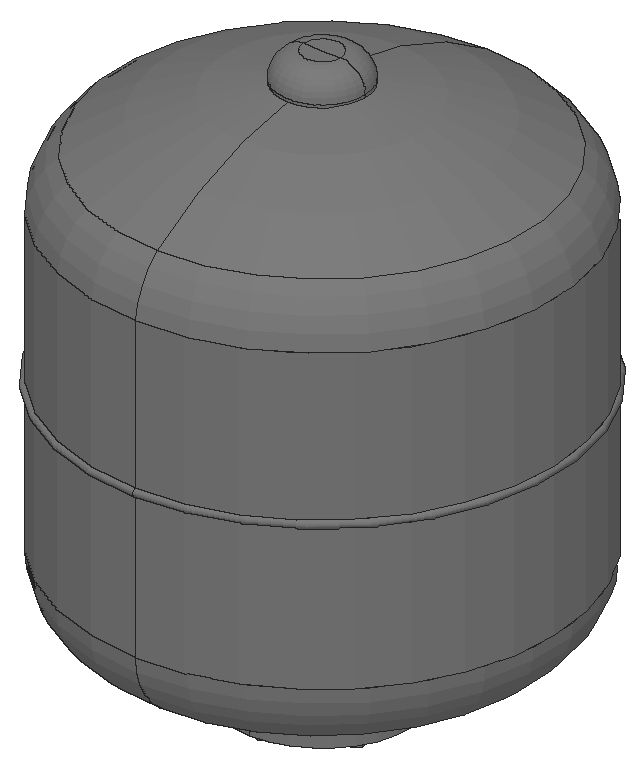
Revit family "MIT-35-ET (Vertical)", category Specialty Equipment, Revit 2022
Family settings
  Round Connector Dimension = Use Diameter
  Part Type = Normal
  Work Plane-Based = No
  Always vertical = Yes
  Cut with Voids When Loaded = No
  Maintain Annotation Orientation = No
  Shared = No
  Room Calculation Point = No
Parameters
  URL = "https://en.ekinendustriyel.com/expansion-tanks"
  Test Pressure = 15.0 bar
  Production Standard = "TS EN 13831"
  Precharge Pressure = 4.0 bar
  Operating Pressure = 10.0 bar
  Model = "MIT-35-ET_(Vertical)"
  Manufacturer = "Ekin Endüstriyel"
  Keynote = "Expension Tank"
  Description = "MIT-Expension Tank"
  Default Elevation = 0 mm
Reference planes
  plane 1 "Center (Front/Back)": y = 0
  plane 2: z = 0
  plane 3 "Center (Left/Right)": x = 0
Forms (mm)
  Revolve 1, solid, material "Ekin Endustriyel-S235JR", detail levels medium+fine
    sketch origin (0, -2790, 0) x (0, 1, 0) y (0, 0, 1)
      loop
        line (2790, 477.838) -> (2790, 476.638) -> (2822.856, 476.638)
        arc (2822.856, 476.638) -> (2893.172, 459.434) -> (2957.445, 426.129) r 304.726
        arc (2957.445, 426.129) -> (2972.24, 407.854) -> (2978.8, 385.275) r 59.499
        line (2978.8, 385.275) -> (2978.8, 139.362)
        arc (2978.8, 139.362) -> (2972.205, 112.789) -> (2953.949, 92.385) r 56.826
        arc (2953.949, 92.385) -> (2908.225, 67.135) -> (2858.616, 50.783) r 280.99
        arc (2858.616, 50.783) -> (2848.74, 44.919) -> (2838.174, 40.415) r 86.505
        line (2838.174, 40.415) -> (2790, 40.415) -> (2790, 39.215) -> (2838.377, 39.215)
        arc (2838.377, 39.215) -> (2849.089, 43.751) -> (2859.107, 49.665) r 87.705
        arc (2859.107, 49.665) -> (2908.809, 66.08) -> (2954.625, 91.393) r 282.19
        arc (2954.625, 91.393) -> (2973.265, 112.228) -> (2980, 139.362) r 58.026
        line (2980, 139.362) -> (2980, 257.311)
        arc (2980, 257.311) -> (2983.004, 260.311) -> (2980, 263.311) r 3
        line (2980, 263.311) -> (2980, 385.325)
        arc (2980, 385.325) -> (2973.302, 408.413) -> (2958.166, 427.09) r 60.699
        arc (2958.166, 427.09) -> (2893.586, 460.56) -> (2822.929, 477.838) r 305.926
        line (2822.929, 477.838) -> (2790, 477.838)
      axis (2790, 39.215) -> (2790, 477.838)
    angle from 0 to 360
  Extrusion 2, solid, material "Ekin Endustriyel-S235JR", detail levels coarse
    sketch origin (1330, -1405, 0) x (1, 0, 0) y (0, 1, 0)
      loop
        circle (-1330, 1405) r 73.5
    from 31 to 42.174
  Revolve 3, solid, material "Ekin Endustriyel-S235JR", detail levels fine
    sketch origin (1330, 0, 0) x (1, 0, 0) y (0, 0, 1)
      loop
        line (-1342.389, 0) -> (-1342.389, 31) -> (-1347.496, 31)
        arc (-1347.496, 31) -> (-1346.805, 30.575) -> (-1346.654, 29.778) r 1.003
        line (-1346.654, 29.778) -> (-1345.539, 28.872) -> (-1346.765, 27.876) -> (-1345.539, 26.88) -> (-1346.765, 25.883) -> (-1345.539, 24.887) -> (-1346.765, 23.891) -> (-1345.539, 22.895) -> (-1346.765, 21.898) -> (-1345.539, 20.902) -> (-1346.765, 19.906) -> (-1345.539, 18.91) -> (-1346.765, 17.914) -> (-1345.539, 16.917) -> (-1346.765, 15.921) -> (-1345.539, 14.925) -> (-1346.765, 13.929) -> (-1345.539, 12.932) -> (-1346.765, 11.936) -> (-1345.539, 10.94) -> (-1346.765, 9.944) -> (-1345.539, 8.948) -> (-1346.765, 7.951) -> (-1345.539, 6.955) -> (-1346.765, 5.959) -> (-1345.539, 4.963) -> (-1346.765, 3.966) -> (-1345.539, 2.97) -> (-1346.765, 1.974) -> (-1345.539, 0.978) -> (-1346.742, 0) -> (-1342.389, 0)
      axis (-1330, 31) -> (-1330, 0)
    angle from 0 to 360
  Revolve 4, solid, material "Ekin Endustriyel-S235JR", detail levels medium+fine
    sketch origin (730, 0, 136.33) x (1, 0, 0) y (0, 0, 1)
      loop
        line (-765, 343.508) -> (-765, 341.508) -> (-763, 341.508) -> (-763, 343.52)
        arc (-763, 343.52) -> (-757.732, 356.239) -> (-745.013, 361.508) r 17.987
        line (-745.013, 361.508) -> (-730, 361.508) -> (-730, 363.508) -> (-745, 363.508)
        arc (-745, 363.508) -> (-759.142, 357.65) -> (-765, 343.508) r 20
      axis (-730, 341.508) -> (-730, 363.508)
    angle from 0 to 360
  Extrusion 5, solid, material "Ekin Endustriyel-S235JR", detail levels fine
    sketch origin (1330, -1405, 31) x (0, 1, 0) y (1, 0, 0)
      loop
        line (1469.567, -1324.064) -> (1462.158, -1323.023) -> (1457.552, -1328.918) -> (1460.355, -1335.855) -> (1467.764, -1336.896) -> (1472.37, -1331.001) -> (1469.567, -1324.064)
      loop
        line (1342.236, -1323.023) -> (1337.63, -1328.918) -> (1340.433, -1335.855) -> (1347.842, -1336.896) -> (1352.448, -1331.001) -> (1349.645, -1324.064) -> (1342.236, -1323.023)
      loop
        line (1442.389, -1382.929) -> (1439.587, -1375.992) -> (1432.178, -1374.951) -> (1427.572, -1380.846) -> (1430.374, -1387.783) -> (1437.783, -1388.824) -> (1442.389, -1382.929)
      loop
        line (1379.626, -1272.136) -> (1372.217, -1271.095) -> (1367.611, -1276.991) -> (1370.413, -1283.927) -> (1377.822, -1284.969) -> (1382.428, -1279.073) -> (1379.626, -1272.136)
      loop
        line (1377.822, -1388.824) -> (1382.428, -1382.929) -> (1379.626, -1375.992) -> (1372.217, -1374.951) -> (1367.611, -1380.846) -> (1370.413, -1387.783) -> (1377.822, -1388.824)
      loop
        line (1442.389, -1279.073) -> (1439.587, -1272.136) -> (1432.178, -1271.095) -> (1427.572, -1276.991) -> (1430.374, -1283.927) -> (1437.783, -1284.969) -> (1442.389, -1279.073)
    from 0 to 5.3
  Extrusion 6, solid, material "Ekin Endustriyel-S235JR", detail levels fine
    sketch origin (1330, -1405, 42.174) x (1, 0, 0) y (0, 1, 0)
      loop
        circle (-1330, 1465) r 4.5
      loop
        circle (-1381.962, 1435) r 4.5
      loop
        circle (-1381.962, 1375) r 4.5
      loop
        circle (-1330, 1345) r 4.5
      loop
        circle (-1278.038, 1375) r 4.5
      loop
        circle (-1278.038, 1435) r 4.5
    from 0 to -11.174
  Extrusion 7, solid, material "Ekin Endustriyel-S235JR", detail levels medium
    sketch origin (1330, -1405.357, 31) x (0, 1, 0) y (1, 0, 0)
      loop
        circle (1405.357, -1330) r 16.742
      loop
        circle (1405.357, -1330) r 12.389
    from 31 to 0
  Extrusion 8, solid, material "Ekin Endustriyel-S235JR", detail levels coarse
    sketch origin (1330, -1405.357, 31) x (0, 1, 0) y (1, 0, 0)
      loop
        arc (1388.615, -1330) -> (1396.851, -1344.421) -> (1413.456, -1344.653) r 16.742
        arc (1413.456, -1344.653) -> (1413.864, -1315.579) -> (1388.615, -1330) r 16.742
    from 0 to 31
  Extrusion 9, solid, material "Ekin Endustriyel-S235JR", detail levels medium+fine
    sketch origin (1330, -2210, 31) x (0, 1, 0) y (1, 0, 0)
      loop
        circle (2210, -1330) r 73.5
      loop
        circle (2150, -1330) r 4.5
      loop
        circle (2180, -1278.038) r 4.5
      loop
        circle (2240, -1278.038) r 4.5
      loop
        circle (2270, -1330) r 4.5
      loop
        circle (2240, -1381.962) r 4.5
      loop
        circle (2180, -1381.962) r 4.5
      loop
        circle (2158.038, -1300) r 4.5
      loop
        circle (2210, -1270) r 4.5
      loop
        circle (2261.962, -1300) r 4.5
      loop
        circle (2261.962, -1360) r 4.5
      loop
        circle (2210, -1390) r 4.5
      loop
        circle (2158.038, -1360) r 4.5
    from 0 to -11.174
  Extrusion 10, solid, material "Ekin Endustriyel-S235JR", detail levels coarse
    sketch origin (1950, -1985, 42.174) x (0, 1, 0) y (-1, 0, 0)
      loop
        circle (1985, 1950) r 193
    from 0 to 435.664
  Extrusion 11, solid, material "Ekin Endustriyel-S235JR", detail levels coarse
    sketch origin (730, -765, 477.838) x (0, 1, 0) y (-1, 0, 0)
      loop
        circle (765, 730) r 35
    from 0 to 22.012
Cuts and joins
  joined: Extrusion 5, Extrusion 6
Dimensions and locks
  aligned and locked: level to plane 2
Connectors
  piping at (0, 0, 0), diameter 25.4
    settings: on Revolve 3, index 1, connector inside diameter 609.6 mm, connector length 0 mm, flow factor 0, pipe flow 0.0 L/s, pressure drop 0.0 Pa, fitting loss kfactor 0, connector angle 0.00°, fixture units 0, engagement length 0 mm, angle of deflection 0.00°, flow configuration 0, flow direction 0, fitting loss method 0, system type 7, joint type 0, gender type 0, connector reference index -1, connector utility 0, adjustable connector no, is connector primary yes, connector description ""
